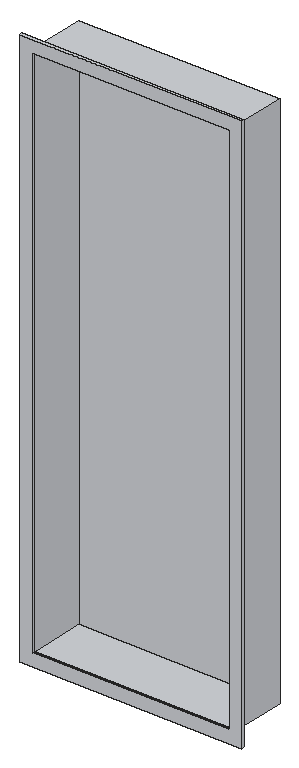
Revit family "Hager-Volta-IP30-Hollow_wall-vide-NoHosted-CH-fr", category Electrical Equipment, Revit 2020
Family settings
  Panel Configuration = Two Columns, Circuits Across
  Round Connector Dimension = Use Diameter
  Part Type = Panelboard
  Work Plane-Based = Yes
  Always vertical = Yes
  Cut with Voids When Loaded = No
  Shared = No
  Room Calculation Point = No
Parameters (values of type "Encastré  L330 H880 P94.5 12 Modules - VH60NK")
  Width Control [instance] = if([HG000006 - Encastré], if([EF000846 - largeur d'encastrement] > min_whd, [EF000846 - largeur d'encastrement], min_whd), if([EF000008 - largeur] > min_whd, ([EF000008 - largeur]), min_whd))  # 314 mm
  Void Depth [instance] = if([EF000218 - profondeur d'encastrement] > 1 mm, [EF000218 - profondeur d'encastrement], 1 mm)  # 90 mm
  Type Comments = [HG000003 - Gamme]  # "Volta"
  System Height [instance] = Height Control - 2 * [HG000005 - Epaisseur]  # 840 mm
  Panel Name [instance] = ""  # (empty or 0)
  Offset [instance] = 0 mm
  Model = [HG000004 - Référence fabricant]  # "VH60NK"
  Level Offset [instance] = [Flush Mounted - Door Frame Width] + Offset  # 34 mm
  HG000017 - Distance entre pôles = 18 mm
  HG000016 - Visibilité de la porte 3D [instance] = yes
  HG000015 - Visibilité de l'emprise de la porte [instance] = no
  HG000014 - Porte à droite [instance] = yes
  HG000013 - Porte à gauche [instance] = not([HG000014 - Porte à droite])  # no
  HG000012 - Angle de pivotement de la porte [instance] = 45.00°
  HG000011 - Rangées du bas vides = no
  HG000010 - Portes asymétriques = no
  HG000009 - Porte à double battant = no
  HG000008 - Nombre de rangées vides = 0
  HG000007 - Nombre de colonnes vides = 0
  HG000006 - Encastré = yes
  HG000005 - Epaisseur = 3 mm  # constant formula
  HG000004 - Référence fabricant = "VH60NK"
  HG000003 - Gamme = "Volta"
  HG000002 - avec porte = no
  HG000001 - nombre de colonnes = 0
  EF015941 - porte pour transmission du signal = no
  EF015777 - borne à conducteur neutre = no
  EF015776 - borne de mise à la terre = no
  EF009212 - finition du couvercle = "EV000116 - fermé"
  EF006306 - avec serrure = no
  EF006244 - couvercle/porte transparent(e) = no
  EF005474 - indice de protection (IP) = ""
  EF004462 - type de fermeture = ""
  EF002950 - largeur en nombre de modules = 12
  EF001596 - matériau du boîtier/corps = "EV000139 - plastique"
  EF001134 - rail DIN = no
  EF001131 - profondeur intérieure = 92 mm
  EF001088 - possibilité de montage en saillie = yes
  EF001062 - finition CEM = yes
  EF000846 - largeur d'encastrement = 314 mm
  EF000339 - type de capot = ""
  EF000332 - hauteur d'encastrement = 846 mm
  EF000266 - nombre de rangées = 5
  EF000218 - profondeur d'encastrement = 90 mm
  EF000118 - avec cadre/support de montage = no
  EF000116 - numéro RAL = "9010"
  EF000049 - profondeur = 94 mm
  EF000040 - hauteur = 880 mm
  EF000008 - largeur = 330 mm
  EF000007 - couleur = "EV000202 - blanc"
  EF000003 - mode de pose = "EV000128 - mur creux"
  Description = ""
  Default Elevation = 1219.2 mm
  Arrow Offset [instance] = Depth Control / 8  # 11.25 mm
  Arrow Height [instance] = Depth Control - Arrow Offset  # 78.75 mm
  Host Offset [instance] = if([HG000006 - Encastré], 0 mm, [EF000049 - profondeur])  # 0 mm
  min_whd [instance] = (2 * [HG000005 - Epaisseur]) + 1 mm  # 7 mm
  Manufacturer = "Hager"  # constant formula
  Height Control [instance] = if([HG000006 - Encastré], if([EF000332 - hauteur d'encastrement] > min_whd, [EF000332 - hauteur d'encastrement], min_whd), if([EF000040 - hauteur] > min_whd, ([EF000040 - hauteur]), min_whd))  # 846 mm
  Flush Mounted - Door Frame Width [instance] = if(([EF000040 - hauteur] - [EF000332 - hauteur d'encastrement]) > 0 mm, if([HG000006 - Encastré], [EF000040 - hauteur] - [EF000332 - hauteur d'encastrement], 0 mm), 0 mm)  # 34 mm
  Depth Control [instance] = if([HG000006 - Encastré], if([EF000218 - profondeur d'encastrement] > 0 mm, [EF000218 - profondeur d'encastrement], 1 mm), if([EF000049 - profondeur] > 0 mm, ([EF000049 - profondeur]), 1 mm))  # 90 mm
Types (5, lengths in mm): name | System Height | Model | Level Offset | HG000004 - Référence fabricant | EF000332 - hauteur d'encastrement | EF000266 - nombre de rangées | EF000040 - hauteur | Height Control | Flush Mounted - Door Frame Width
  Encastré  L330 H355 P94.5 12 Modules - VH12NK | 340 | "VH12NK" | 9 | "VH12NK" | 346 | 1 | 355 | 346 | 9
  Encastré  L330 H484 P94.5 12 Modules - VH24NK | 465 | "VH24NK" | 13 | "VH24NK" | 471 | 2 | 484 | 471 | 13
  Encastré  L330 H609 P94.5 12 Modules - VH36NK | 590 | "VH36NK" | 13 | "VH36NK" | 596 | 3 | 609 | 596 | 13
  Encastré  L330 H734 P94.5 12 Modules - VH48NK | 715 | "VH48NK" | 13 | "VH48NK" | 721 | 4 | 734 | 721 | 13
  Encastré  L330 H880 P94.5 12 Modules - VH60NK | 840 | "VH60NK" | 34 | "VH60NK" | 846 | 5 | 880 | 846 | 34
Reference planes
  plane 1 "Center (Front/Back)": y = 0
  plane 2: z = 0
  plane 3 "Center (Left/Right)": x = 0
  plane 4: y = 37
  plane 5: y = 90
  plane 6: y = 34
  plane 7: z = 0
  plane 8: x = -157
  plane 9: x = 157
  plane 10: x = 154
  plane 11: x = -154
  plane 12: z = 34
  plane 13: z = 37
  plane 14: y = 5
  plane 15: y = 0
  plane 16: y = 87
  plane 17: z = 877
  plane 18: z = 880
  plane 19: z = 457
  plane 20: x = 0
  plane 21: y = -100
Forms (mm)
  Extrusion 1, solid
    sketch origin (-208.679, -4572, 34) x (-1, 0, 0) y (0, -1, 0)
      loop
        line (-51.679, -4572) -> (-365.679, -4572) -> (-365.679, -4662) -> (-51.679, -4662) -> (-51.679, -4572)
    from 0 to 846 <- "Height Control"
  Extrusion 2, void
    sketch origin (-350.771, 0, 1219.2) x (1, 0, 0) y (0, 0, 1)
      loop
        line (196.771, -342.2) -> (196.771, -1182.2) -> (504.771, -1182.2) -> (504.771, -342.2) -> (196.771, -342.2)
    from 0 to -87
  Extrusion 3, solid, detail levels coarse+medium
    sketch origin (-350.771, 0, 1219.2) x (-1, 0, 0) y (0, 0, 1)
      loop
        line (-196.771, -342.2) -> (-504.771, -342.2) -> (-504.771, -1182.2) -> (-196.771, -1182.2) -> (-196.771, -342.2)
    from 0 to 3 <- "HG000005 - Epaisseur"
Cuts and joins
  Extrusion 2 cuts Extrusion 1
Dimensions and locks
  "Flush Mounted - Door Frame Width": plane 1 "Center (Front/Back)" to plane 6
  "HG000005 - Epaisseur": plane 4 to plane 6
  "HG000005 - Epaisseur": plane 8 to plane 11
  "HG000005 - Epaisseur": plane 9 to plane 10
  equal spacing: plane 8, plane 3 "Center (Left/Right)", plane 9
  "Width Control": plane 8 to plane 9
  locked: plane 14 to plane 15 at 5
  "Host Offset": plane 1 "Center (Front/Back)" to plane 15
  "Depth Control": plane 5 to plane 15
  "HG000005 - Epaisseur": plane 5 to plane 16
  "HG000005 - Epaisseur": plane 13 to plane 12
  "Level Offset": plane 12 to level
  "HG000005 - Epaisseur": plane 18 to plane 17
  "Height Control": plane 18 to plane 12
  "Arrow Offset": plane 5 to nested 4
  equal spacing: plane 18, plane 19, plane 12
  locked: connector elem to plane 19
  locked: connector elem to plane 3 "Center (Left/Right)"
  aligned and locked: nested 1 to plane 14
  aligned and locked: plane 3 "Center (Left/Right)" to nested 1
  aligned and locked: plane 3 "Center (Left/Right)" to nested 2
  aligned and locked: nested 2 to plane 15
  aligned and locked: plane 5 to Extrusion 1
  aligned and locked: Extrusion 3 sketch curve to plane 17
  aligned and locked: Extrusion 3 sketch curve to plane 11
  aligned and locked: plane 13 to Extrusion 3 sketch curve
  aligned and locked: Extrusion 3 sketch curve to plane 10
  aligned and locked: plane 13 to Extrusion 2 sketch curve
  aligned and locked: Extrusion 2 sketch curve to plane 10
  aligned and locked: Extrusion 2 sketch curve to plane 17
  aligned and locked: Extrusion 2 sketch curve to plane 11
  aligned and locked: plane 16 to Extrusion 2
  aligned and locked: plane 5 to Extrusion 1 sketch curve
  aligned and locked: plane 9 to Extrusion 1 sketch curve
  aligned and locked: plane 8 to Extrusion 1 sketch curve
  aligned and locked: plane 8 to nested 4
  aligned and locked: plane 8 to nested 3
  aligned and locked: nested 3 to plane 5
  aligned and locked: Extrusion 1 sketch curve to plane 15
  aligned and locked: Extrusion 2 to plane 15
Nested families
  nested 1: "Hager_Enclosure_System" at (0, 5, 37), Flush_Mounted <- "HG000006 - Encastré", Width <- "EF000008 - largeur", Height <- "System Height", Width_Control <- "Width Control", Row_Module_Multiplicator <- "EF002950 - largeur en nombre de modules", Empty_Columns <- "HG000007 - Nombre de colonnes vides", Built-in_Width <- "EF000846 - largeur d'encastrement", Border <- "HG000005 - Epaisseur", Total_No_Empty_Rows <- "HG000008 - Nombre de rangées vides", Depth <- "HG000005 - Epaisseur", Empty_Rows_From_Bottom <- "HG000011 - Rangées du bas vides", Distance_Between_Poles <- "HG000017 - Distance entre pôles", Rows_Count <- "EF000266 - nombre de rangées", Columns_Count <- "HG000001 - nombre de colonnes", type "Hager_Enclosure_System", detail levels medium+fine
    with Width_Control 314 mm, Width 330 mm, Total_No_Rows 5, Total_No_Empty_Rows 0, Total_No_Columns 1, System_Width 308 mm, Rows_Count 5, Rows_Column 5, Row_Module_Multiplicator 12, Panel_4 no, Panel_3 no, Panel_2 no, Panel_1 no, No_Panels_Ctrl 1, Hide_Columns yes, Height 840 mm, Flush_Mounted yes, Empty_Rows_From_Bottom no, Empty_Rows_Column 0, Empty_Columns 0, Distance_Between_Poles 18 mm, Depth 3 mm, Columns_Count 0, Column_Width 308 mm, Built-in_Width 314 mm, Border 3 mm
  nested 2: "Hager_Enclosure_Door" at (0, 0, 34), Double <- "HG000009 - Porte à double battant", Height_Ctrl <- "Height Control", Transparent <- "EF006244 - couvercle/porte transparent(e)", Depth <- "EF000049 - profondeur", Height <- "EF000040 - hauteur", Angle <- "HG000012 - Angle de pivotement de la porte", Door_Right <- "HG000014 - Porte à droite", Assymetrical <- "HG000010 - Portes asymétriques", Flush_Mounted <- "HG000006 - Encastré", BuiltIn_Depth <- "EF000218 - profondeur d'encastrement", BuiltIn_Width <- "EF000846 - largeur d'encastrement", Door <- "HG000002 - avec porte", Width_Ctrl <- "Width Control", 3d_Door <- "HG000016 - Visibilité de la porte 3D", Width <- "EF000008 - largeur", Border <- "HG000005 - Epaisseur", BuiltIn_Height <- "EF000332 - hauteur d'encastrement", Clearance <- "HG000015 - Visibilité de l'emprise de la porte", Door_Left <- "HG000013 - Porte à gauche", type "Hager_Enclosure_Door", detail levels medium+fine
    with min_wh 7 mm, Width_Ctrl 314 mm, Width 330 mm, Transparent_Door_No_Bottom_Border no, Transparent no, Leaf_Width 305 mm, Leaf_Tolerance 1.5 mm, Leaf_Height 837 mm, Leaf_2_Width 305 mm, Leaf_2_Offset 152.5 mm, Leaf_1_Width 305 mm, Leaf_1_Offset 152.5 mm, Height_Ctrl 846 mm, Height 880 mm, Frame_Width_Ctrl 16 mm, Frame_Width 16 mm, Frame_Internal_Offset 3 mm, Frame_Height_Ctrl 34 mm, Frame_Height 34 mm, Frame_Depth_Ctrl 4 mm, Frame_Depth 4 mm, Flush_Mounted yes, Double_Clearance_Ctrl no, Double no, Door_Right_Ctrl no, Door_Right yes, Door_Left_Ctrl no, Door_Left no, Door no, Depth 94 mm, Clearance_Depth 305 mm, Clearance_Ctrl no, Clearance no, BuiltIn_Width 314 mm, BuiltIn_Height 846 mm, BuiltIn_Depth 90 mm, Border 3 mm, Assymetrical no, Angle 45.00°, 3d_Door yes
  nested 3: "Hager_Enclosure_Symbol_Triangle" at (-157, 90, 0), Depth <- "Depth Control", Width <- "Width Control", type "Hager_Enclosure_Symbol_Triangle"
    with Width_Ctrl 314 mm, Width 314 mm, Depth_Ctrl 90 mm, Depth 90 mm
  nested 4: "Hager_Enclosure_Symbol_Arrow" at (-157, 78.75, 0), Height <- "Arrow Height", type "Hager_Enclosure_Symbol_Arrow"
    with Width_Inside 5.906 mm, Width 70.875 mm, Height_Ctrl 78.75 mm, Height 78.75 mm
Connectors
  electrical at (0, 90, 457)
    settings: on plane 5, index 1, voltage 0 V, apparent load 0 VA, apparent load phase1 0 VA, apparent load phase2 0 VA, apparent load phase3 0 VA, power factor 1, load classification "Other", number of poles 1, system type 30, power factor state 1, is connector primary yes, connector utility no, sub classification motor no, connector description ""
Definition of nested family "Hager_Enclosure_Door"
  Parameters (values of type "Hager_Enclosure_Door")
    min_wh [instance] = (2 * Border) + 1 mm  # 11 mm
    Width_Ctrl [instance] = 400 mm
    Width [instance] = 500 mm
    Transparent_Door_No_Bottom_Border [instance] = no
    Transparent [instance] = yes
    Leaf_Width [instance] = if((Width_Ctrl - 2 * Border - 2 * Leaf_Tolerance) > 0 mm, (Width_Ctrl - 2 * Border - 2 * Leaf_Tolerance), min_wh)  # 387 mm
    Leaf_Tolerance [instance] = 1.5 mm  # constant formula
    Leaf_Height [instance] = if((Height_Ctrl - 2 * Border - 2 * Leaf_Tolerance) > 0 mm, (Height_Ctrl - 2 * Border - 2 * Leaf_Tolerance), min_wh)  # 387 mm
    Leaf_2_Width [instance] = if(and(and(Double, Assymetrical), Door_Left), (Leaf_Width / 3) - (Leaf_Tolerance / 2), if(and(and(Double, Assymetrical), Door_Right), (Leaf_Width / 3) * 2 - (Leaf_Tolerance / 2), if(and(Double, not(Assymetrical)), (Leaf_Width / 2) - Leaf_Tolerance, Leaf_Width)))  # 387 mm
    Leaf_2_Offset [instance] = if(and(Double, Assymetrical), Leaf_2_Width / 2, if(and(Double, not(Assymetrical)), Leaf_Width / 4, Leaf_Width / 2))  # 193.5 mm
    Leaf_1_Width [instance] = if(and(and(Double, Assymetrical), Door_Right), (Leaf_Width / 3) - (Leaf_Tolerance / 2), if(and(and(Double, Assymetrical), Door_Left), (Width / 3) * 2 - (Leaf_Tolerance / 2), if(and(Double, not(Assymetrical)), (Leaf_Width / 2) - Leaf_Tolerance, Leaf_Width)))  # 387 mm
    Leaf_1_Offset [instance] = if(and(Double, Assymetrical), Leaf_1_Width / 2, if(and(Double, not(Assymetrical)), Leaf_Width / 4, Leaf_Width / 2))  # 193.5 mm
    Height_Ctrl [instance] = 400 mm
    Height [instance] = 500 mm
    Frame_Width_Ctrl [instance] = if(Frame_Width > 0 mm, Frame_Width, 1 mm)  # 1 mm
    Frame_Width [instance] = Width - BuiltIn_Width  # 0 mm
    Frame_Internal_Offset [instance] = if(Flush_Mounted, Border, 0 mm)  # 5 mm
    Frame_Height_Ctrl [instance] = if(Frame_Height > 0 mm, Frame_Height, 1 mm)  # 1 mm
    Frame_Height [instance] = Height - BuiltIn_Height  # 0 mm
    Frame_Depth_Ctrl [instance] = if(Frame_Depth > 0 mm, Frame_Depth, 1 mm)  # 1 mm
    Frame_Depth [instance] = if(Depth - BuiltIn_Depth > 0 mm, if(Flush_Mounted, Depth - BuiltIn_Depth, 0 mm), 0 mm)  # 0 mm
    Flush_Mounted [instance] = yes
    Double_Clearance_Ctrl [instance] = and(Double, Clearance)  # no
    Double [instance] = no
    Door_Right_Ctrl [instance] = and(or(Door_Right, Double), Door)  # yes
    Door_Right [instance] = yes
    Door_Left_Ctrl [instance] = and(or(Door_Left, Double), Door)  # no
    Door_Left [instance] = no
    Door [instance] = yes
    Depth [instance] = 500 mm
    Default Elevation = 1219.2 mm
    Clearance_Material = none
    Clearance_Depth [instance] = if(Leaf_1_Width > Leaf_2_Width, Leaf_1_Width, Leaf_2_Width)  # 387 mm
    Clearance_Ctrl [instance] = and(not(Double), Clearance)  # yes
    Clearance [instance] = yes
    BuiltIn_Width [instance] = 500 mm
    BuiltIn_Height [instance] = 500 mm
    BuiltIn_Depth [instance] = 500 mm
    Border [instance] = 5 mm
    Assymetrical [instance] = yes
    Angle [instance] = 30.00°
    3d_Door [instance] = yes
  Reference planes
    plane 1 "Center (Front/Back)": y = 0
    plane 2 "Bottom": z = 0
    plane 3 "Center (Left/Right)": x = 0
    plane 4: z = 400
    plane 5: x = -200
    plane 6: x = 200
    plane 7: z = 395
    plane 8: x = -195
    plane 9: z = 5
    plane 10: x = 195
    plane 11: y = 0
    plane 12: z = 6.5
    plane 13: x = -582
    plane 14: y = -387
    plane 15: x = 582
    plane 16: x = 0
    plane 17: x = 0
    plane 18: x = -193.5
    plane 19: x = 193.5
    plane 20: z = 393.5
  Forms (mm)
    Extrusion 1, solid, visible <- "Flush_Mounted"
      sketch origin (0, 0, 0) x (1, 0, 0) y (0, 0, 1)
        loop
          line (195, 5) -> (195, 395) -> (-195, 395) -> (-195, 5) -> (195, 5)
        loop
          line (-201, 401) -> (-201, -1) -> (201, -1) -> (201, 401) -> (-201, 401)
      from 0 to 1 <- "Frame_Depth_Ctrl"
    Extrusion 2, solid, material <- "Clearance_Material", visible <- "Double_Clearance_Ctrl"
      sketch origin (1200, 0, 0) x (1, 0, 0) y (0, 0, -1)
        loop
          line (-1782, -393.5) -> (-618, -393.5) -> (-618, 0) -> (-1782, 0) -> (-1782, -393.5)
      from 0 to -387
  Dimensions and locks
    equal spacing: plane 5, plane 3 "Center (Left/Right)", plane 6
    "Width_Ctrl": plane 5 to plane 6
    "Border": plane 5 to plane 8
    "Border": plane 6 to plane 10
    "Border": plane 9 to level
    "Border": plane 4 to plane 7
    "Height_Ctrl": plane 4 to level
    "Leaf_Tolerance": plane 12 to plane 9
    "Frame_Depth": plane 11 to plane 1 "Center (Front/Back)"
    "Frame_Width_Ctrl": plane 5 to Extrusion 1 sketch curve
    "Frame_Width_Ctrl": plane 6 to Extrusion 1 sketch curve
    "Frame_Width_Ctrl": Extrusion 1 sketch curve to plane 4
    "Frame_Width_Ctrl": plane 2 "Bottom" to Extrusion 1 sketch curve
    "Leaf_1_Offset": plane 18 to plane 16
    "Leaf_2_Offset": plane 17 to plane 19
    "Leaf_1_Width": plane 13 to plane 8
    "Leaf_2_Width": plane 10 to plane 15
    "Clearance_Depth": plane 14 to plane 1 "Center (Front/Back)"
    "Leaf_Tolerance": plane 8 to plane 18
    "Leaf_Tolerance": plane 19 to plane 10
    "Leaf_Tolerance": plane 7 to plane 20
    "Frame_Internal_Offset": plane 5 to Extrusion 1 sketch curve
    "Frame_Internal_Offset": Extrusion 1 sketch curve to plane 2 "Bottom"
    "Frame_Internal_Offset": plane 6 to Extrusion 1 sketch curve
    "Frame_Internal_Offset": plane 4 to Extrusion 1 sketch curve
    aligned and locked: level to plane 2 "Bottom"
    aligned and locked: nested 1 to plane 16
    aligned and locked: nested 2 to plane 17
    aligned and locked: Extrusion 2 to plane 13
    aligned and locked: plane 15 to Extrusion 2
    aligned and locked: Extrusion 2 to plane 14
    aligned and locked: plane 12 to nested 1
    aligned and locked: nested 2 to plane 12
    aligned and locked: Extrusion 2 to plane 11
    aligned and locked: plane 20 to Extrusion 2
    aligned and locked: nested 2 to plane 11
    aligned and locked: nested 1 to plane 11
  Automatic sketch dimensions
    Extrusion 2 sketch curve to level = 0 mm
    plane 5 to Extrusion 2 sketch curve = 382 mm
    plane 6 to Extrusion 2 sketch curve = 382 mm
    Extrusion 2 sketch curve to plane 4 = 6.5 mm
  Nested families
    nested 1: "Hager_Enclosure_Door_Leaf" at (0, 0, 6.5), Width <- "Leaf_1_Width", visible <- "Door_Left_Ctrl", Leaf_Height <- "Leaf_Height", Angle <- "Angle", Depth <- "Border", 3d_Door <- "3d_Door", Transparent <- "Transparent", Clearance Material <- "Clearance_Material", Clearance <- "Clearance_Ctrl", Transparent_Door_No_Bottom_Border <- "Transparent_Door_No_Bottom_Border", type "Hager_Enclosure_Door_Leaf"
      with Width 387 mm, Transparent_Door_No_Bottom_Border no, Transparent_Door_Border_Bottom_Top 25 mm, Transparent_Door_Border 25 mm, Transparent_Ctrl yes, Transparent yes, Standard no, Leaf_Height 387 mm, Glass_Offset 1 mm, Depth 5 mm, Clearance Material none, Clearance yes, Angle_Ctrl 30.00°, Angle 30.00°, 3d_Door yes
    nested 2: "Hager_Enclosure_Door_Leaf" at (0, 0, 6.5) x (-1, 0, 0) z (0, 0, 1), Width <- "Leaf_2_Width", visible <- "Door_Right_Ctrl", Leaf_Height <- "Leaf_Height", Angle <- "Angle", Depth <- "Border", 3d_Door <- "3d_Door", Transparent <- "Transparent", Clearance Material <- "Clearance_Material", Clearance <- "Clearance_Ctrl", Transparent_Door_No_Bottom_Border <- "Transparent_Door_No_Bottom_Border", type "Hager_Enclosure_Door_Leaf"
      with Width 387 mm, Transparent_Door_No_Bottom_Border no, Transparent_Door_Border_Bottom_Top 25 mm, Transparent_Door_Border 25 mm, Transparent_Ctrl yes, Transparent yes, Standard no, Leaf_Height 387 mm, Glass_Offset 1 mm, Depth 5 mm, Clearance Material none, Clearance yes, Angle_Ctrl 30.00°, Angle 30.00°, 3d_Door yes
  Definition of nested family "Hager_Enclosure_Door_Leaf"
    Parameters (values of type "Hager_Enclosure_Door_Leaf")
      Width [instance] = 2000 mm
      Transparent_Door_No_Bottom_Border [instance] = yes
      Transparent_Door_Border_Bottom_Top [instance] = if(Transparent_Door_No_Bottom_Border, 0.1 mm, Transparent_Door_Border)  # 0.1 mm
      Transparent_Door_Border [instance] = if(Transparent_Door_No_Bottom_Border, (Width * 0.12), 25 mm)  # 240 mm
      Transparent_Ctrl [instance] = and(Transparent, [3d_Door])  # yes
      Transparent [instance] = yes
      Standard [instance] = and(not(Transparent), [3d_Door])  # no
      Leaf_Height [instance] = 2720.336 mm
      Glass_Offset [instance] = if((Depth - 10 mm) / 2 > 0 mm, (Depth - 10 mm) / 2, 1 mm)  # 15 mm
      Glass_Material = none
      Depth [instance] = 40 mm
      Default Elevation = 0 mm
      Clearance Material [instance] = none
      Clearance [instance] = yes
      Angle_Ctrl [instance] = if(Angle > 170.00°, 170.00°, Angle)  # 45.00°
      Angle [instance] = 45.00°
      3d_Door [instance] = yes
    Reference planes
      plane 1 "Center (Front/Back)": y = 0
      plane 2: z = 0
      plane 3 "Center (Left/Right)": x = 0
      plane 4: y = 2000
      plane 5: x = -1000
      plane 6: x = 1000
      plane 7: x = -3000
      plane 8: z = 2720.336
      plane 9: z = 0.1
      plane 10: z = 2720.236
      plane 11: x = 760
      plane 12: x = -760
    Forms (mm)
      Extrusion 1, solid, material <- "Clearance Material", visible <- "Clearance"
        sketch origin (0, 0, 0) x (1, 0, 0) y (0, 0, 1)
          loop
            line (-3000, 2720.336) -> (-3000, 0) -> (1000, 0) -> (1000, 2720.336) -> (-3000, 2720.336)
        from 0 to -2000
      Extrusion 2, solid, visible <- "Standard", detail levels medium+fine
        sketch origin (-1000, 0, 0) x (0.707107, 0.707107, 0) y (-0.707107, 0.707107, 0)
          loop
            line (0, -40) -> (2000, -40) -> (2000, 0) -> (0, 0) -> (0, -40)
        from 0 to 2720.336 <- "Leaf_Height"
      Extrusion 3, solid, visible <- "Transparent_Ctrl", detail levels medium+fine
        sketch origin (-1000, 0, 0) x (0.707107, 0.707107, 0) y (-0.707107, 0.707107, 0)
          loop
            line (0, -40) -> (2000, -40) -> (2000, 0) -> (0, 0) -> (0, -40)
        from 0 to 2720.336 <- "Leaf_Height"
      Extrusion 4, void, detail levels medium+fine
        sketch origin (-1000, 0, 0) x (-0.707107, 0.707107, 0) y (0.707107, 0.707107, 0)
          loop
            line (0, 240) -> (0, 1760) -> (-40, 1760) -> (-40, 240) -> (0, 240)
        from -2720.236 to -0.1
      Extrusion 5, solid, material <- "Glass_Material", visible <- "Transparent_Ctrl", detail levels medium+fine
        sketch origin (-1000, 0, 0) x (0.707107, 0.707107, 0) y (-0.707107, 0.707107, 0)
          loop
            line (240, -15) -> (240, -25) -> (1760, -25) -> (1760, -15) -> (240, -15)
        from 0.1 to 2720.236
    Cuts and joins
      Extrusion 4 cuts Extrusion 3
    Lines and regions (mm)
      symbolic lines
        curve 1: line (1000, 0, 0) -> (-3000, 0, 0)
        curve 2: arc (1000, 0, 0) -> (-1000, 2000, 0) -> (-3000, 0, 0) r 2000
        curve 4: line (-1000, 0, 0) -> (414.214, 1414.214, 0)
      reference lines
        curve 3: line (-1000, 0, 0) -> (414.214, 1414.214, 0)
      symbolic lines, detail levels medium+fine
        curve 5: line (414.214, 1414.214, 0) -> (442.498, 1385.929, 0)
        curve 6: line (442.498, 1385.929, 0) -> (-971.716, -28.284, 0)
        curve 7: line (-971.716, -28.284, 0) -> (-1000, 0, 0)
        curve 8: line (-1000, 0, 2720.336) -> (1000, 0, 2720.336)
        curve 9: line (-1000, 0, 0) -> (-1000, 0, 2720.336)
        curve 10: line (1000, 0, 0) -> (-1000, 0, 0)
        curve 11: line (1000, 0, 2720.336) -> (1000, 0, 0)
      symbolic lines, visible <- "Transparent_Ctrl", detail levels medium+fine
        curve 12: line (-760, 0, 2720.236) -> (760, 0, 2720.236)
        curve 13: line (-760, 0, 0.1) -> (-760, 0, 2720.236)
        curve 14: line (760, 0, 0.1) -> (-760, 0, 0.1)
        curve 15: line (760, 0, 2720.236) -> (760, 0, 0.1)
    Dimensions and locks
      "Width": plane 1 "Center (Front/Back)" to plane 4
      equal spacing: plane 5, plane 3 "Center (Left/Right)", plane 6
      "Width": plane 5 to plane 6
      "Width": plane 7 to plane 5
      "Leaf_Height": plane 8 to level
      "Depth": curve 6 to curve 3
      "Width": curve 5 to curve 3
      "Width": curve 3 to curve 3
      "Transparent_Door_Border": Extrusion 4 sketch curve to curve 7
      "Transparent_Door_Border": Extrusion 4 sketch curve to curve 5
      "Transparent_Door_Border_Bottom_Top": plane 8 to plane 10
      "Transparent_Door_Border_Bottom_Top": plane 9 to level
      "Glass_Offset": Extrusion 5 sketch curve to curve 4
      "Glass_Offset": Extrusion 5 sketch curve to curve 6
      "Transparent_Door_Border": Extrusion 5 sketch curve to curve 5
      "Transparent_Door_Border": Extrusion 5 sketch curve to curve 7
      "Transparent_Door_Border": plane 12 to plane 5
      "Transparent_Door_Border": plane 6 to plane 11
      "Angle_Ctrl": angle plane 1 "Center (Front/Back)" to curve 3
      aligned and locked: level to plane 2
      aligned and locked: Extrusion 1 to curve 1
      aligned and locked: plane 6 to Extrusion 1
      aligned and locked: Extrusion 1 to plane 1 "Center (Front/Back)"
      aligned and locked: plane 4 to Extrusion 1
      aligned and locked: plane 8 to Extrusion 1
      aligned and locked: curve 4 to curve 3
      aligned and locked: Extrusion 2 sketch curve to curve 7
      aligned and locked: Extrusion 2 sketch curve to curve 6
      aligned and locked: Extrusion 2 sketch curve to curve 5
      aligned and locked: Extrusion 2 sketch curve to curve 3
      aligned and locked: curve 7 to Extrusion 3 sketch curve
      aligned and locked: Extrusion 3 sketch curve to curve 4
      aligned and locked: Extrusion 3 sketch curve to curve 6
      aligned and locked: Extrusion 3 sketch curve to curve 5
      aligned and locked: curve 4 to Extrusion 4 sketch curve
      aligned and locked: curve 6 to Extrusion 4 sketch curve
      aligned and locked: Extrusion 4 to plane 9
      aligned and locked: Extrusion 4 to plane 10
      aligned and locked: Extrusion 5 to plane 9
      aligned and locked: Extrusion 5 to plane 10
      aligned and locked: curve 8 to plane 8
      aligned and locked: plane 5 to curve 9
      aligned and locked: plane 2 to curve 10
      aligned and locked: curve 11 to plane 6
      aligned and locked: plane 10 to curve 12
      aligned and locked: plane 12 to curve 13
      aligned and locked: curve 14 to plane 9
      aligned and locked: plane 11 to curve 15
    Automatic sketch dimensions
      plane 1 "Center (Front/Back)" to curve 2 = 0 mm
      curve 2 to plane 5 = 0 mm
      Extrusion 1 sketch curve to level = 0 mm
      Extrusion 1 sketch curve to plane 7 = 0 mm
      Extrusion 1 sketch curve to plane 6 = 0 mm
      Extrusion 1 sketch curve to plane 8 = 0 mm
      plane 1 "Center (Front/Back)" to curve 3 = 0 mm
      curve 3 to plane 5 = 0 mm
      curve 7 to curve 3 = 0 mm
Definition of nested family "Hager_Enclosure_Symbol_Triangle"
  Parameters (values of type "Hager_Enclosure_Symbol_Triangle")
    Width_Ctrl [instance] = if(Width > 1 mm, Width, 1 mm)  # 498 mm
    Width [instance] = 498 mm
    Depth_Ctrl [instance] = if(Depth > 1 mm, Depth, 1 mm)  # 72 mm
    Depth [instance] = 72 mm
  Reference planes
    plane 1 "Centre (avant/arrière)": y = 0
    plane 2: z = 0
    plane 3 "Centre (gauche/droite)": x = 0
  Lines and regions (mm)
    Filled region 1, type "Solid_Black", in view "Niveau de réf."
      outline origin (0, 0, 0) x (1, 0, 0) y (0, 1, 0)
        loop
          line (0, 0) -> (498, 0) -> (498, 72) -> (0, 0)
    reference lines, in view "Niveau de réf."
      curve 1: line (-206.153, 72, 0) -> (1083.258, 72, 0)
      curve 2: line (498, 405.456, 0) -> (498, -517.619, 0)
  Dimensions and locks
    "Depth_Ctrl": plane 1 "Centre (avant/arrière)" to curve 1
    "Width_Ctrl": plane 3 "Centre (gauche/droite)" to curve 2
    aligned and locked: curve 1 to Filled region 1 sketch curve
    aligned and locked: Filled region 1 sketch curve to plane 1 "Centre (avant/arrière)"
    aligned and locked: curve 2 to Filled region 1 sketch curve
    aligned and locked: plane 3 "Centre (gauche/droite)" to Filled region 1 sketch curve
    aligned and locked: plane 1 "Centre (avant/arrière)" to Filled region 1 sketch curve
  Automatic sketch dimensions
    curve 1 to plane 3 "Centre (gauche/droite)" = 206.153 mm
    curve 2 to curve 1 = 585.258 mm
    plane 1 "Centre (avant/arrière)" to curve 2 = 517.619 mm
    curve 2 to plane 1 "Centre (avant/arrière)" = 405.456 mm
Definition of nested family "Hager_Enclosure_Symbol_Arrow"
  Parameters (values of type "Hager_Enclosure_Symbol_Arrow")
    Width_Inside [instance] = if(Width / 12 > 2 mm, Width / 12, 2 mm)  # 4.987 mm
    Width [instance] = if(Height_Ctrl * 0.9 > 2 mm, Height_Ctrl * 0.9, 2 mm)  # 59.85 mm
    Height_Ctrl [instance] = if(Height > 2 mm, Height, 2 mm)  # 66.5 mm
    Height [instance] = 66.5 mm
  Reference planes
    plane 1 "Centre (avant/arrière)": y = 0
    plane 2: z = 0
    plane 3 "Centre (gauche/droite)": x = 0
    plane 4: x = 59.85
    plane 5: y = 28.263
    plane 6: y = 38.238
    plane 7: y = 66.5
    plane 8: x = 29.925
    plane 9: y = 33.25
  Lines and regions (mm)
    Filled region 1, type "Solid_Black", in view "Niveau de réf."
      outline origin (0, 0, 0) x (1, 0, 0) y (0, 1, 0)
        loop
          line (59.85, 66.5) -> (37.929, 52.827) -> (51.846, 41.935) -> (59.85, 66.5)
    detail lines, in view "Niveau de réf."
      curve 1: line (0, 0, 0) -> (29.925, 38.238, 0)
      curve 2: line (29.925, 38.238, 0) -> (29.925, 28.263, 0)
      curve 3: line (29.925, 28.263, 0) -> (59.85, 66.5, 0)
  Dimensions and locks
    "Width": plane 3 "Centre (gauche/droite)" to plane 4
    "Height_Ctrl": plane 7 to plane 1 "Centre (avant/arrière)"
    equal spacing: plane 3 "Centre (gauche/droite)", plane 8, plane 4
    equal spacing: plane 7, plane 9, plane 1 "Centre (avant/arrière)"
    equal spacing: plane 6, plane 9, plane 5
    "Width_Inside": plane 6 to plane 9
    equal spacing: curve 3, Filled region 1 sketch curve, Filled region 1 sketch curve
    angle Filled region 1 sketch curve to curve 3 = 20.00°
    angle curve 3 to Filled region 1 sketch curve = 20.00°
    locked: curve 3 to Filled region 1 sketch curve (angle 90.00°)
  Automatic sketch dimensions
    plane 1 "Centre (avant/arrière)" to curve 1 = 0 mm
    curve 1 to plane 3 "Centre (gauche/droite)" = 0 mm
    curve 2 to plane 6 = 0 mm
    curve 3 to plane 8 = 0 mm
    curve 3 to plane 4 = 0 mm
    curve 2 to plane 5 = 0 mm
    curve 3 to plane 7 = 0 mm
    Filled region 1 sketch curve to plane 4 = 0 mm
    Filled region 1 sketch curve to plane 7 = 0 mm
